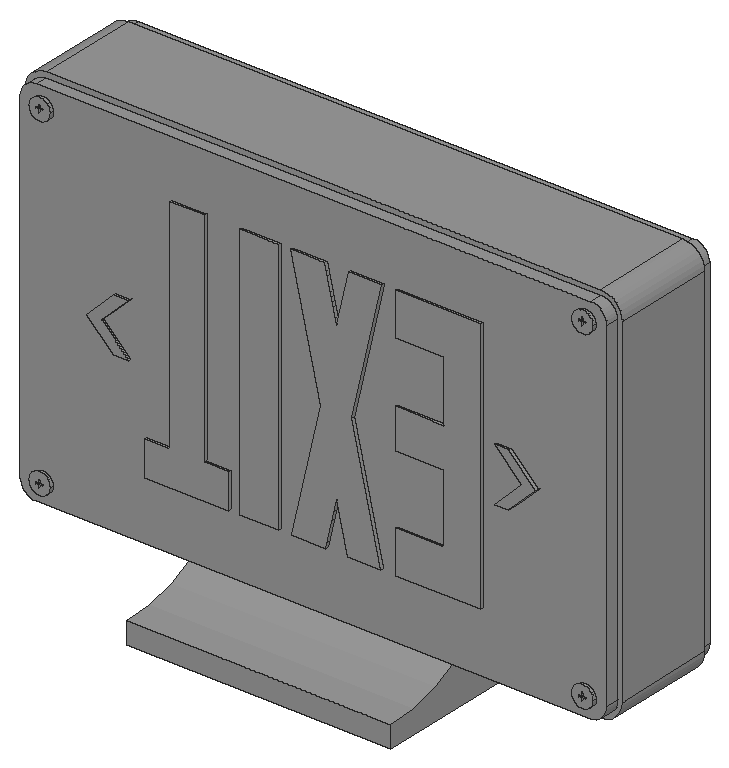
Revit family "FTZ-PLUS-HT-SA-LR-LG-U-U-WW", category Lighting Fixtures, host Face, Revit 2026
Family settings
  Host = Face
  Round Connector Dimension = Use Diameter
  Part Type = Normal
  Cut with Voids When Loaded = No
  Light Source = No
  Maintain Annotation Orientation = No
  Shared = No
  Room Calculation Point = No
Parameters (values of type "FTZ-PLUS-SA-LG-U-U-WW")
  Wattage Comments = "2 W"
  Type Image = FORTEZA PICTURE.PNG
  Type Comments = "The Fortezza™ series vandal resistant exit sign is designed to stand up to high abuse areas such as correctional facilities, schools, apartment complexes, and public areas that may be subject to vandalism."
  Model = "FTZ-SA-LG-U-U-WW"
  Manufacturer = "BEGHELLI"
  Lamp = "LED"
  LETTER MATERIAL = LETTERS MATERIAL GREEN
  Description = "The FORTEZZA™ series is constructed from .420” thick, heavy\r\nduty cast aluminum. The faceplates are protected by high abuse\r\nclear polycarbonate, which is recessed into the housing. Tamper\r\nresistant screws are standard. The FORTEZZA™ series comes\r\nstandard black although colour options are available upon request.\r\nSingle or double versions must be specified. The self-powered\r\nversion comes standard with an external LED status indicator and\r\ntest switch."
  Default Elevation = 4' - 0"
  BODY MATERIAL = BODY MATERIAL
Types (5): name | Model | LETTER MATERIAL
  (no name) | "FTZ-SA-LG-U-U-WW" | LETTERS MATERIAL GREEN
  FTZ-PLUS-HT-LR-U-U-WW | "FTZ-HT-LG-U-U-WW" | LETTER MATERIAL RED
  FTZ-PLUS-HT-LG-U-U-WW | "FTZ-SA-LG-U-U-WW" | LETTERS MATERIAL GREEN
  FTZ-PLUS-SA-LG-U-U-WW | "FTZ-SA-LG-U-U-WW" | LETTERS MATERIAL GREEN
  FTZ-PLUS-SA-LR-U-U-WW | "FTZ-HT-LG-U-U-WW" | LETTER MATERIAL RED
Reference planes (in)
  plane 1 "Center (Front/Back)": y = 0
  plane 2: z = 0
  plane 3 "Center (Left/Right)": x = 0
Dimensions and locks (in)
  aligned and locked: plane 2 to host face
  aligned and locked: level to host face
  aligned and locked: nested 2 to nested 1
Nested families (in)
  nested 1: "FTZ PLUS BASE" at (0, 0, 0) x (0, 1, 0) z (0, 0, 1), type "FTZ PLUS BASE"
  nested 2: "FTZ PLUS BODY" at (0, 0, -0.34375), type "FTZ PLUS BODY"
Definition of nested family "FTZ PLUS BASE"
  Parameters (values of type "FTZ PLUS BASE")
    Default Elevation = 0' - 0"
    BODY MATERIAL = none
  Reference planes (in)
    plane 1 "Center (Front/Back)": y = 0
    plane 2: z = 0
    plane 3 "Center (Left/Right)": x = 0
    plane 4: x = -3.1
    plane 5: x = 3.1
    plane 6: y = 3.1
    plane 7: y = -3.1
    plane 8: z = 1
    plane 9: z = 0.5
  Forms (in)
    Extrusion 1, solid, material <- "BODY MATERIAL"
      sketch origin (0, 0, 0) x (-1, 0, 0) y (0, 0, 1)
        loop
          line (-3.1, 0) -> (3.1, 0) -> (3.1, 0.5)
          arc (3.1, 0.5) -> (2.11313, 0.60989) -> (1.2, 1) r 3.40267
          line (1.2, 1) -> (0, 1) -> (-1.2, 1)
          arc (-1.2, 1) -> (-2.11313, 0.60989) -> (-3.1, 0.5) r 3.40267
          line (-3.1, 0.5) -> (-3.1, 0)
      from -3.1 to 3.1
  Dimensions and locks (in)
    plane 4 to plane 3 "Center (Left/Right)" = 0' - 3.1"
    aligned and locked: plane 2 to level
Definition of nested family "FTZ PLUS BODY"
  Parameters (values of type "FTZ PLUS BODY")
    LETTERS MATERIAL = none
    Default Elevation = 0' - 0"
    BODY MATERIAL = none
  Reference planes (in)
    plane 1 "Center (Front/Back)": y = 0
    plane 2: z = 0
    plane 3 "Center (Left/Right)": x = 0
    plane 4: x = -7
    plane 5: x = 7
    plane 6: y = 1.5
    plane 7: z = 1.34375
    plane 8: z = 10.34375
    plane 9: y = 1.2
    plane 10: y = -1.5
    plane 11: y = -1.2
  Forms (in)
    Extrusion 1, solid, material <- "BODY MATERIAL"
      sketch origin (0, 0, 1.34375) x (1, 0, 0) y (0, 0, 1)
        loop
          arc (-6.5, 9) -> (-6.85355, 8.85355) -> (-7, 8.5) r 0.5
          line (-7, 8.5) -> (-7, 0.5)
          arc (-7, 0.5) -> (-6.85355, 0.14645) -> (-6.5, 0) r 0.5
          line (-6.5, 0) -> (6.5, 0)
          arc (6.5, 0) -> (6.85355, 0.14645) -> (7, 0.5) r 0.5
          line (7, 0.5) -> (7, 8.5)
          arc (7, 8.5) -> (6.85355, 8.85355) -> (6.5, 9) r 0.5
          line (6.5, 9) -> (-6.5, 9)
        loop
          arc (-6.5, 8.87891) -> (-6.76793, 8.76793) -> (-6.87891, 8.5) r 0.37891
          line (-6.87891, 8.5) -> (-6.87891, 0.5)
          arc (-6.87891, 0.5) -> (-6.76793, 0.23207) -> (-6.5, 0.12109) r 0.37891
          line (-6.5, 0.12109) -> (6.5, 0.12109)
          arc (6.5, 0.12109) -> (6.76793, 0.23207) -> (6.87891, 0.5) r 0.37891
          line (6.87891, 0.5) -> (6.87891, 8.5)
          arc (6.87891, 8.5) -> (6.76793, 8.76793) -> (6.5, 8.87891) r 0.37891
          line (6.5, 8.87891) -> (-6.5, 8.87891)
      from -1.2 to 1.2
    Extrusion 2, solid, material <- "BODY MATERIAL"
      sketch origin (0, 0, 1.34375) x (1, 0, 0) y (0, 0, 1)
        loop
          arc (-6.5, 8.87891) -> (-6.76793, 8.76793) -> (-6.87891, 8.5) r 0.37891
          line (-6.87891, 8.5) -> (-6.87891, 0.5)
          arc (-6.87891, 0.5) -> (-6.76793, 0.23207) -> (-6.5, 0.12109) r 0.37891
          line (-6.5, 0.12109) -> (6.5, 0.12109)
          arc (6.5, 0.12109) -> (6.76793, 0.23207) -> (6.87891, 0.5) r 0.37891
          line (6.87891, 0.5) -> (6.87891, 8.5)
          arc (6.87891, 8.5) -> (6.76793, 8.76793) -> (6.5, 8.87891) r 0.37891
          line (6.5, 8.87891) -> (-6.5, 8.87891)
      from -1.5 to 1.5
    Extrusion 3, solid, material <- "BODY MATERIAL"
      sketch origin (0, 0, 10.34375) x (1, 0, 0) y (0, 0, -1)
        loop
          circle (6.36386, 8.43392) r 0.25
        loop
          line (6.34888, 8.53162) -> (6.34888, 8.46608) -> (6.27127, 8.46608) -> (6.27127, 8.4207) -> (6.34888, 8.4207) -> (6.34888, 8.33998) -> (6.39451, 8.33998) -> (6.39451, 8.4207) -> (6.46064, 8.4207) -> (6.46064, 8.46608) -> (6.39451, 8.46608) -> (6.39451, 8.53162) -> (6.34888, 8.53162)
      from 1.37208 to 1.57208
    Extrusion 4, solid, material <- "BODY MATERIAL"
      sketch origin (0, 0, 10.34375) x (-1, 0, 0) y (0, 0, 1)
        loop
          circle (6.36386, -8.43392) r 0.25
        loop
          line (6.34888, -8.53162) -> (6.39451, -8.53162) -> (6.39451, -8.46608) -> (6.46064, -8.46608) -> (6.46064, -8.4207) -> (6.39451, -8.4207) -> (6.39451, -8.33998) -> (6.34888, -8.33998) -> (6.34888, -8.4207) -> (6.27127, -8.4207) -> (6.27127, -8.46608) -> (6.34888, -8.46608) -> (6.34888, -8.53162)
      from 1.37208 to 1.57208
    Extrusion 5, solid, material <- "BODY MATERIAL"
      sketch origin (0, 0, 1.34375) x (1, 0, 0) y (0, 0, -1)
        loop
          circle (6.36386, -8.43392) r 0.25
        loop
          line (6.34888, -8.53162) -> (6.39451, -8.53162) -> (6.39451, -8.46608) -> (6.46064, -8.46608) -> (6.46064, -8.4207) -> (6.39451, -8.4207) -> (6.39451, -8.33998) -> (6.34888, -8.33998) -> (6.34888, -8.4207) -> (6.27127, -8.4207) -> (6.27127, -8.46608) -> (6.34888, -8.46608) -> (6.34888, -8.53162)
      from 1.37208 to 1.57208
    Extrusion 6, solid, material <- "BODY MATERIAL"
      sketch origin (0, 0, 1.34375) x (-1, 0, 0) y (0, 0, 1)
        loop
          circle (6.36386, 8.43392) r 0.25
        loop
          line (6.34888, 8.53162) -> (6.34888, 8.46608) -> (6.27127, 8.46608) -> (6.27127, 8.4207) -> (6.34888, 8.4207) -> (6.34888, 8.33998) -> (6.39451, 8.33998) -> (6.39451, 8.4207) -> (6.46064, 8.4207) -> (6.46064, 8.46608) -> (6.39451, 8.46608) -> (6.39451, 8.53162) -> (6.34888, 8.53162)
      from 1.37208 to 1.57208
    Extrusion 7, solid, material <- "BODY MATERIAL"
      sketch origin (0, 0, 10.34375) x (1, 0, 0) y (0, 0, 1)
        loop
          circle (6.36386, -8.43392) r 0.25
        loop
          line (6.34888, -8.53162) -> (6.39451, -8.53162) -> (6.39451, -8.46608) -> (6.46064, -8.46608) -> (6.46064, -8.4207) -> (6.39451, -8.4207) -> (6.39451, -8.33998) -> (6.34888, -8.33998) -> (6.34888, -8.4207) -> (6.27127, -8.4207) -> (6.27127, -8.46608) -> (6.34888, -8.46608) -> (6.34888, -8.53162)
      from 1.37208 to 1.57208
    Extrusion 8, solid, material <- "BODY MATERIAL"
      sketch origin (0, 0, 10.34375) x (-1, 0, 0) y (0, 0, -1)
        loop
          circle (6.36386, 8.43392) r 0.25
        loop
          line (6.34888, 8.53162) -> (6.34888, 8.46608) -> (6.27127, 8.46608) -> (6.27127, 8.4207) -> (6.34888, 8.4207) -> (6.34888, 8.33998) -> (6.39451, 8.33998) -> (6.39451, 8.4207) -> (6.46064, 8.4207) -> (6.46064, 8.46608) -> (6.39451, 8.46608) -> (6.39451, 8.53162) -> (6.34888, 8.53162)
      from 1.37208 to 1.57208
    Extrusion 9, solid, material <- "BODY MATERIAL"
      sketch origin (0, 0, 1.34375) x (1, 0, 0) y (0, 0, 1)
        loop
          circle (6.36386, 8.43392) r 0.25
        loop
          line (6.34888, 8.53162) -> (6.34888, 8.46608) -> (6.27127, 8.46608) -> (6.27127, 8.4207) -> (6.34888, 8.4207) -> (6.34888, 8.33998) -> (6.39451, 8.33998) -> (6.39451, 8.4207) -> (6.46064, 8.4207) -> (6.46064, 8.46608) -> (6.39451, 8.46608) -> (6.39451, 8.53162) -> (6.34888, 8.53162)
      from 1.37208 to 1.57208
    Extrusion 10, solid, material <- "BODY MATERIAL"
      sketch origin (0, 0, 1.34375) x (-1, 0, 0) y (0, 0, -1)
        loop
          circle (6.36386, -8.43392) r 0.25
        loop
          line (6.34888, -8.53162) -> (6.39451, -8.53162) -> (6.39451, -8.46608) -> (6.46064, -8.46608) -> (6.46064, -8.4207) -> (6.39451, -8.4207) -> (6.39451, -8.33998) -> (6.34888, -8.33998) -> (6.34888, -8.4207) -> (6.27127, -8.4207) -> (6.27127, -8.46608) -> (6.34888, -8.46608) -> (6.34888, -8.53162)
      from 1.37208 to 1.57208
  Dimensions and locks (in)
    plane 8 to plane 7 = 0' - 9"
    plane 5 to plane 4 = 1' - 2"
    plane 6 to plane 10 = 0' - 3"
    aligned and locked: plane 2 to level
  Nested families (in)
    nested 1: "letters left" at (0, 3.37208, 2.89715), type "LETTERS"
    nested 2: "letters right" at (-0.5625, -3.36349, 2.88938), type "LETTERS"
  Definition of nested family "letters left"
    Parameters (values of type "LETTERS")
      LETTERS = none
      Default Elevation = 0' - 0"
    Reference planes (in)
      plane 1 "Center (Front/Back)": y = 0
      plane 2: z = 0
      plane 3 "Center (Left/Right)": x = 0
      plane 4: y = -1.8
      plane 5: y = -2
    Forms (in)
      Extrusion 1, solid, material <- "LETTERS"
        sketch origin (0, 0, 7.56159) x (1, 0, 0) y (0, 0, 1)
          loop
            line (-3.96514, -7.56159) -> (-1.96514, -7.56159) -> (-1.96514, -6.56159) -> (-3.10481, -6.56159) -> (-3.10481, -4.93659) -> (-1.96514, -4.93659) -> (-1.96514, -4.00068) -> (-3.10481, -4.00068) -> (-3.10481, -2.56159) -> (-1.96514, -2.56159) -> (-1.96514, -1.56159) -> (-3.96514, -1.56159) -> (-3.96514, -7.56159)
        from 1.8 to 2
      Extrusion 2, solid, material <- "LETTERS"
        sketch origin (0, 0, 7.56159) x (1, 0, 0) y (0, 0, 1)
          loop
            line (-1.62734, -7.56159) -> (-0.84609, -7.56159) -> (-0.58752, -6.44159) -> (-0.32895, -7.56159) -> (0.46795, -7.56159) -> (-0.21408, -4.60737) -> (0.48909, -1.56159) -> (-0.30782, -1.56159) -> (-0.58752, -2.77314) -> (-0.86723, -1.56159) -> (-1.64848, -1.56159) -> (-0.94531, -4.60737) -> (-1.62734, -7.56159)
        from 1.8 to 2
      Extrusion 3, solid, material <- "LETTERS"
        sketch origin (0, 0, 7.56159) x (1, 0, 0) y (0, 0, 1)
          loop
            line (0.77206, -7.56159) -> (1.6945, -7.56159) -> (1.6945, -1.56159) -> (0.77206, -1.56159) -> (0.77206, -7.56159)
        from 1.8 to 2
      Extrusion 4, solid, material <- "LETTERS"
        sketch origin (0, 0, 7.56159) x (1, 0, 0) y (0, 0, 1)
          loop
            line (1.9445, -7.56159) -> (3.90781, -7.56159) -> (3.90781, -6.74794) -> (3.33682, -6.74794) -> (3.33682, -1.56159) -> (2.51549, -1.56159) -> (2.51549, -6.74794) -> (1.9445, -6.74794) -> (1.9445, -7.56159)
        from 1.8 to 2
      Extrusion 5, solid, material <- "LETTERS"
        sketch origin (0, 0, 7.56159) x (1, 0, 0) y (0, 0, 1)
          loop
            line (-4.29683, -5.24703) -> (-4.93009, -4.61377) -> (-4.29683, -3.98052) -> (-4.63381, -3.98052) -> (-5.26707, -4.61377) -> (-4.63381, -5.24703) -> (-4.29683, -5.24703)
        from 1.8 to 2
      Extrusion 6, solid, material <- "LETTERS"
        sketch origin (0, 0, 7.56159) x (-1, 0, 0) y (0, 0, -1)
          loop
            line (-4.29683, 5.24703) -> (-4.63381, 5.24703) -> (-5.26707, 4.61377) -> (-4.63381, 3.98052) -> (-4.29683, 3.98052) -> (-4.93009, 4.61377) -> (-4.29683, 5.24703)
        from 1.8 to 2
    Dimensions and locks (in)
      aligned and locked: plane 2 to level
  Definition of nested family "letters right"
    Parameters (values of type "LETTERS")
      LETTERS = none
      Default Elevation = 0' - 0"
    Reference planes (in)
      plane 1 "Center (Front/Back)": y = 0
      plane 2: z = 0
      plane 3 "Center (Left/Right)": x = 0
      plane 4: y = -1.8
      plane 5: y = -2
      plane 6: y = 1.8
      plane 7: y = 2
    Forms (in)
      Extrusion 1, solid, material <- "LETTERS"
        sketch origin (0.56684, 0, 7.56815) x (-1, 0, 0) y (0, 0, 1)
          loop
            line (-3.96514, -7.56159) -> (-1.96514, -7.56159) -> (-1.96514, -6.56159) -> (-3.10481, -6.56159) -> (-3.10481, -4.93659) -> (-1.96514, -4.93659) -> (-1.96514, -4.00068) -> (-3.10481, -4.00068) -> (-3.10481, -2.56159) -> (-1.96514, -2.56159) -> (-1.96514, -1.56159) -> (-3.96514, -1.56159) -> (-3.96514, -7.56159)
        from 1.8 to 2
      Extrusion 2, solid, material <- "LETTERS"
        sketch origin (0.56684, 0, 7.56815) x (-1, 0, 0) y (0, 0, 1)
          loop
            line (-1.62734, -7.56159) -> (-0.84609, -7.56159) -> (-0.58752, -6.44159) -> (-0.32895, -7.56159) -> (0.46795, -7.56159) -> (-0.21408, -4.60737) -> (0.48909, -1.56159) -> (-0.30782, -1.56159) -> (-0.58752, -2.77314) -> (-0.86723, -1.56159) -> (-1.64848, -1.56159) -> (-0.94531, -4.60737) -> (-1.62734, -7.56159)
        from 1.8 to 2
      Extrusion 3, solid, material <- "LETTERS"
        sketch origin (0.56684, 0, 7.56815) x (-1, 0, 0) y (0, 0, 1)
          loop
            line (0.77206, -7.56159) -> (1.6945, -7.56159) -> (1.6945, -1.56159) -> (0.77206, -1.56159) -> (0.77206, -7.56159)
        from 1.8 to 2
      Extrusion 4, solid, material <- "LETTERS"
        sketch origin (0.56684, 0, 7.56815) x (-1, 0, 0) y (0, 0, 1)
          loop
            line (1.9445, -7.56159) -> (3.90781, -7.56159) -> (3.90781, -6.74794) -> (3.33682, -6.74794) -> (3.33682, -1.56159) -> (2.51549, -1.56159) -> (2.51549, -6.74794) -> (1.9445, -6.74794) -> (1.9445, -7.56159)
        from 1.8 to 2
      Extrusion 5, solid, material <- "LETTERS"
        sketch origin (0.56684, 0, 7.56815) x (-1, 0, 0) y (0, 0, 1)
          loop
            line (-4.29683, -5.24703) -> (-4.93009, -4.61377) -> (-4.29683, -3.98052) -> (-4.63381, -3.98052) -> (-5.26707, -4.61377) -> (-4.63381, -5.24703) -> (-4.29683, -5.24703)
        from 1.8 to 2
      Extrusion 6, solid, material <- "LETTERS"
        sketch origin (0.56684, 0, 7.56815) x (1, 0, 0) y (0, 0, -1)
          loop
            line (-4.29683, 5.24703) -> (-4.63381, 5.24703) -> (-5.26707, 4.61377) -> (-4.63381, 3.98052) -> (-4.29683, 3.98052) -> (-4.93009, 4.61377) -> (-4.29683, 5.24703)
        from 1.8 to 2
    Dimensions and locks (in)
      aligned and locked: plane 2 to level
